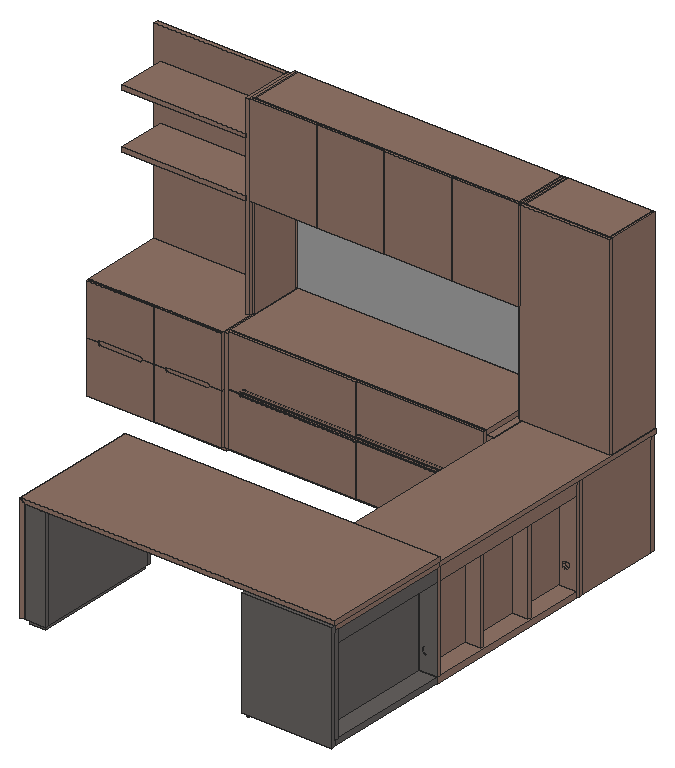
Revit family "T100046", category Furniture, Revit 2022 (continued)
Definition of nested family "OFS_Slate Private Office_HighBack_Organizer"
  Dimensions and locks (in)
    aligned and locked: Extrusion 9 sketch curve to plane 11
  Automatic sketch dimensions
    plane 1 "Center (Front/Back)" to Extrusion 1 sketch curve = 0' - 0 3/4"
    Extrusion 2 sketch curve to plane 1 "Center (Front/Back)" = 0' - 0 3/4"
    Extrusion 4 sketch curve to Extrusion 3 = 0' - 0"
    Extrusion 3 to Extrusion 4 sketch curve = 0' - 0 3/4"
    Extrusion 5 sketch curve to Extrusion 3 = 0' - 0"
    Extrusion 3 to Extrusion 5 sketch curve = 0' - 0 3/4"
    Extrusion 6 sketch curve to Extrusion 3 = 0' - 0"  (x2)
  Nested families (in)
    nested 1: "Tag" at (30, -14.25, 0), type "Center", detail levels fine
      with Offset (LR) 0' - 0"
  Definition of nested family "Tag"
    Parameters
      P_Width = 0' - 0"
      Text_Width = "Empty"
      Text_Height = "Empty"
      Text_Diameter = "Empty"
      Text_Depth = "Empty"
      Offset (LR) [instance] = 0' - 0"
      Model Name = "Type Catalog"
      P_Height = 0' - 0"
      Distance of Center (not Change) = 0' - 0.1"
      P_Diameter = 0' - 0"
      P_Depth = 0' - 0"
    Reference planes (in)
      plane 1: y = 0
      plane 2: x = 0
    Lines and regions (in)
      reference lines
        curve 1: line (-0.44359, 0.1, 0) -> (0.41085, 0.1, 0)
        curve 3: line (0, 0.42564, 0) -> (0, -0.30221, 0)
      reference lines, not visible
        curve 2: line (-0.44359, 0.09843, 0) -> (0.41085, 0.09843, 0)
        curve 4: line (0, 0.42407, 0) -> (0, -0.30379, 0)
    Text (in)
      label "Empty" at (0.00197, 0.0921, 0), shows "Model Name"
      label "Empty" at (0.00197, 0.09052, 0), shows "Model Name", not visible
    Dimensions and locks (in)
      "Distance of Center (not Change)": plane 1 to curve 1
      "Offset (LR)": curve 3 to plane 2
    Automatic sketch dimensions
      curve 1 to curve 3 = 0' - 0.44359"
      curve 3 to curve 1 = 0' - 0.41085"
      curve 3 to curve 1 = 0' - 0.40221"
      curve 1 to curve 3 = 0' - 0.32564"
      curve 2 to curve 4 = 0' - 0.44359"
      curve 4 to curve 2 = 0' - 0.41085"
      curve 4 to curve 2 = 0' - 0.40221"
      curve 2 to curve 4 = 0' - 0.32564"
